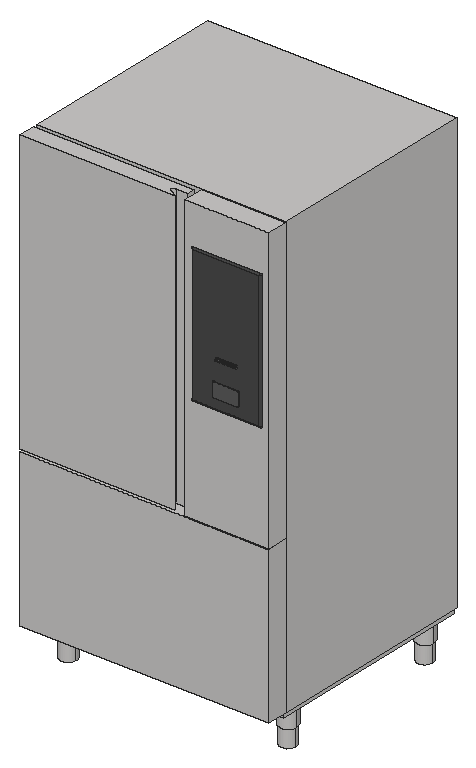
Revit family "QF_ALPENINOX_729253_ABFA11RE", category Specialty Equipment, Revit 2018 (continued)
Lines and regions (mm)
  Split face 232
    outline origin (-5.81, -295.149, -118.118) x (-1, 0, 0) y (0, 0, -1)
      loop
        line (490.638, -548.639) -> (600.654, -548.639) -> (600.654, -543.665) -> (490.638, -543.665) -> (490.638, -548.639)
  Split face 233
    outline origin (-5.81, -295.149, -108.618) x (-1, 0, 0) y (0, 0, -1)
      loop
        line (490.638, -548.639) -> (600.654, -548.639) -> (600.654, -543.665) -> (490.638, -543.665) -> (490.638, -548.639)
  Split face 234
    outline origin (-5.81, -295.149, -99.118) x (-1, 0, 0) y (0, 0, -1)
      loop
        line (490.638, -548.639) -> (600.654, -548.639) -> (600.654, -543.665) -> (490.638, -543.665) -> (490.638, -548.639)
  Split face 235
    outline origin (-5.81, -295.149, -89.618) x (-1, 0, 0) y (0, 0, -1)
      loop
        line (490.638, -548.639) -> (600.654, -548.639) -> (600.654, -543.665) -> (490.638, -543.665) -> (490.638, -548.639)
  Split face 236
    outline origin (-5.81, -295.149, -80.117) x (-1, 0, 0) y (0, 0, -1)
      loop
        line (490.638, -548.639) -> (600.654, -548.639) -> (600.654, -543.665) -> (490.638, -543.665) -> (490.638, -548.639)
  Split face 237
    outline origin (-5.81, -295.149, -70.617) x (-1, 0, 0) y (0, 0, -1)
      loop
        line (490.638, -548.639) -> (600.654, -548.639) -> (600.654, -543.665) -> (490.638, -543.665) -> (490.638, -548.639)
  Split face 238
    outline origin (-5.81, -295.149, -61.117) x (-1, 0, 0) y (0, 0, -1)
      loop
        line (490.638, -548.639) -> (600.654, -548.639) -> (600.654, -543.665) -> (490.638, -543.665) -> (490.638, -548.639)
  Split face 239
    outline origin (-5.81, -295.149, -51.617) x (-1, 0, 0) y (0, 0, -1)
      loop
        line (490.638, -548.639) -> (600.654, -548.639) -> (600.654, -543.665) -> (490.638, -543.665) -> (490.638, -548.639)
  Split face 240
    outline origin (-5.81, -295.149, -42.117) x (-1, 0, 0) y (0, 0, -1)
      loop
        line (490.638, -548.639) -> (600.654, -548.639) -> (600.654, -543.665) -> (490.638, -543.665) -> (490.638, -548.639)
  Split face 241
    outline origin (-5.81, -295.149, -32.617) x (-1, 0, 0) y (0, 0, -1)
      loop
        line (490.638, -548.639) -> (600.654, -548.639) -> (600.654, -543.665) -> (490.638, -543.665) -> (490.638, -548.639)
  Split face 242
    outline origin (-5.81, -295.149, -23.117) x (-1, 0, 0) y (0, 0, -1)
      loop
        line (490.638, -548.639) -> (600.654, -548.639) -> (600.654, -543.665) -> (490.638, -543.665) -> (490.638, -548.639)
  Split face 243
    outline origin (-5.81, -295.149, -13.617) x (-1, 0, 0) y (0, 0, -1)
      loop
        line (490.638, -548.639) -> (600.654, -548.639) -> (600.654, -543.665) -> (490.638, -543.665) -> (490.638, -548.639)
  Split face 244
    outline origin (-5.81, -295.149, -4.117) x (-1, 0, 0) y (0, 0, -1)
      loop
        line (490.638, -548.639) -> (600.654, -548.639) -> (600.654, -543.665) -> (490.638, -543.665) -> (490.638, -548.639)
  Split face 245
    outline origin (-5.81, -295.149, 5.383) x (-1, 0, 0) y (0, 0, -1)
      loop
        line (490.638, -548.639) -> (600.654, -548.639) -> (600.654, -543.665) -> (490.638, -543.665) -> (490.638, -548.639)
  Split face 246
    outline origin (-5.81, -295.149, 14.883) x (-1, 0, 0) y (0, 0, -1)
      loop
        line (490.638, -548.639) -> (600.654, -548.639) -> (600.654, -543.665) -> (490.638, -543.665) -> (490.638, -548.639)
  Split face 247
    outline origin (-125.802, -295.149, -365.12) x (-1, 0, 0) y (0, 0, -1)
      loop
        line (490.638, -548.639) -> (600.654, -548.639) -> (600.654, -543.665) -> (490.638, -543.665) -> (490.638, -548.639)
  Split face 248
    outline origin (-125.802, -295.149, -355.62) x (-1, 0, 0) y (0, 0, -1)
      loop
        line (490.638, -548.639) -> (600.654, -548.639) -> (600.654, -543.665) -> (490.638, -543.665) -> (490.638, -548.639)
  Split face 249
    outline origin (-125.802, -295.149, -346.12) x (-1, 0, 0) y (0, 0, -1)
      loop
        line (490.638, -548.639) -> (600.654, -548.639) -> (600.654, -543.665) -> (490.638, -543.665) -> (490.638, -548.639)
  Split face 250
    outline origin (-125.802, -295.149, -336.62) x (-1, 0, 0) y (0, 0, -1)
      loop
        line (490.638, -548.639) -> (600.654, -548.639) -> (600.654, -543.665) -> (490.638, -543.665) -> (490.638, -548.639)
  Split face 251
    outline origin (-125.802, -295.149, -327.12) x (-1, 0, 0) y (0, 0, -1)
      loop
        line (490.638, -548.639) -> (600.654, -548.639) -> (600.654, -543.665) -> (490.638, -543.665) -> (490.638, -548.639)
  Split face 252
    outline origin (-125.802, -295.149, -317.619) x (-1, 0, 0) y (0, 0, -1)
      loop
        line (490.638, -548.639) -> (600.654, -548.639) -> (600.654, -543.665) -> (490.638, -543.665) -> (490.638, -548.639)
  Split face 253
    outline origin (-125.802, -295.149, -308.119) x (-1, 0, 0) y (0, 0, -1)
      loop
        line (490.638, -548.639) -> (600.654, -548.639) -> (600.654, -543.665) -> (490.638, -543.665) -> (490.638, -548.639)
  Split face 254
    outline origin (-125.802, -295.149, -298.619) x (-1, 0, 0) y (0, 0, -1)
      loop
        line (490.638, -548.639) -> (600.654, -548.639) -> (600.654, -543.665) -> (490.638, -543.665) -> (490.638, -548.639)
  Split face 255
    outline origin (-125.802, -295.149, -289.119) x (-1, 0, 0) y (0, 0, -1)
      loop
        line (490.638, -548.639) -> (600.654, -548.639) -> (600.654, -543.665) -> (490.638, -543.665) -> (490.638, -548.639)
  Split face 256
    outline origin (-125.802, -295.149, -279.619) x (-1, 0, 0) y (0, 0, -1)
      loop
        line (490.638, -548.639) -> (600.654, -548.639) -> (600.654, -543.665) -> (490.638, -543.665) -> (490.638, -548.639)
  Split face 257
    outline origin (-125.802, -295.149, -270.119) x (-1, 0, 0) y (0, 0, -1)
      loop
        line (490.638, -548.639) -> (600.654, -548.639) -> (600.654, -543.665) -> (490.638, -543.665) -> (490.638, -548.639)
  Split face 258
    outline origin (-125.802, -295.149, -260.619) x (-1, 0, 0) y (0, 0, -1)
      loop
        line (490.638, -548.639) -> (600.654, -548.639) -> (600.654, -543.665) -> (490.638, -543.665) -> (490.638, -548.639)
  Split face 259
    outline origin (-125.802, -295.149, -251.119) x (-1, 0, 0) y (0, 0, -1)
      loop
        line (490.638, -548.639) -> (600.654, -548.639) -> (600.654, -543.665) -> (490.638, -543.665) -> (490.638, -548.639)
  Split face 260
    outline origin (-125.802, -295.149, -241.619) x (-1, 0, 0) y (0, 0, -1)
      loop
        line (490.638, -548.639) -> (600.654, -548.639) -> (600.654, -543.665) -> (490.638, -543.665) -> (490.638, -548.639)
  Split face 261
    outline origin (-125.802, -295.149, -232.119) x (-1, 0, 0) y (0, 0, -1)
      loop
        line (490.638, -548.639) -> (600.654, -548.639) -> (600.654, -543.665) -> (490.638, -543.665) -> (490.638, -548.639)
  Split face 262
    outline origin (-125.802, -295.149, -222.619) x (-1, 0, 0) y (0, 0, -1)
      loop
        line (490.638, -548.639) -> (600.654, -548.639) -> (600.654, -543.665) -> (490.638, -543.665) -> (490.638, -548.639)
  Split face 263
    outline origin (-125.802, -295.149, -213.119) x (-1, 0, 0) y (0, 0, -1)
      loop
        line (490.638, -548.639) -> (600.654, -548.639) -> (600.654, -543.665) -> (490.638, -543.665) -> (490.638, -548.639)
  Split face 264
    outline origin (-125.802, -295.149, -203.619) x (-1, 0, 0) y (0, 0, -1)
      loop
        line (490.638, -548.639) -> (600.654, -548.639) -> (600.654, -543.665) -> (490.638, -543.665) -> (490.638, -548.639)
  Split face 265
    outline origin (-125.802, -295.149, -194.118) x (-1, 0, 0) y (0, 0, -1)
      loop
        line (490.638, -548.639) -> (600.654, -548.639) -> (600.654, -543.665) -> (490.638, -543.665) -> (490.638, -548.639)
  Split face 266
    outline origin (-125.802, -295.149, -184.618) x (-1, 0, 0) y (0, 0, -1)
      loop
        line (490.638, -548.639) -> (600.654, -548.639) -> (600.654, -543.665) -> (490.638, -543.665) -> (490.638, -548.639)
  Split face 267
    outline origin (-125.802, -295.149, -175.118) x (-1, 0, 0) y (0, 0, -1)
      loop
        line (490.638, -548.639) -> (600.654, -548.639) -> (600.654, -543.665) -> (490.638, -543.665) -> (490.638, -548.639)
  Split face 268
    outline origin (-125.802, -295.149, -165.618) x (-1, 0, 0) y (0, 0, -1)
      loop
        line (490.638, -548.639) -> (600.654, -548.639) -> (600.654, -543.665) -> (490.638, -543.665) -> (490.638, -548.639)
  Split face 269
    outline origin (-125.802, -295.149, -156.118) x (-1, 0, 0) y (0, 0, -1)
      loop
        line (490.638, -548.639) -> (600.654, -548.639) -> (600.654, -543.665) -> (490.638, -543.665) -> (490.638, -548.639)
  Split face 270
    outline origin (-125.802, -295.149, -146.618) x (-1, 0, 0) y (0, 0, -1)
      loop
        line (490.638, -548.639) -> (600.654, -548.639) -> (600.654, -543.665) -> (490.638, -543.665) -> (490.638, -548.639)
  Split face 271
    outline origin (-125.802, -295.149, -137.118) x (-1, 0, 0) y (0, 0, -1)
      loop
        line (490.638, -548.639) -> (600.654, -548.639) -> (600.654, -543.665) -> (490.638, -543.665) -> (490.638, -548.639)
  Split face 272
    outline origin (-125.802, -295.149, -127.618) x (-1, 0, 0) y (0, 0, -1)
      loop
        line (490.638, -548.639) -> (600.654, -548.639) -> (600.654, -543.665) -> (490.638, -543.665) -> (490.638, -548.639)
  Split face 273
    outline origin (-125.802, -295.149, -118.118) x (-1, 0, 0) y (0, 0, -1)
      loop
        line (490.638, -548.639) -> (600.654, -548.639) -> (600.654, -543.665) -> (490.638, -543.665) -> (490.638, -548.639)
  Split face 274
    outline origin (-125.802, -295.149, -108.618) x (-1, 0, 0) y (0, 0, -1)
      loop
        line (490.638, -548.639) -> (600.654, -548.639) -> (600.654, -543.665) -> (490.638, -543.665) -> (490.638, -548.639)
  Split face 275
    outline origin (-125.802, -295.149, -99.118) x (-1, 0, 0) y (0, 0, -1)
      loop
        line (490.638, -548.639) -> (600.654, -548.639) -> (600.654, -543.665) -> (490.638, -543.665) -> (490.638, -548.639)
  Split face 276
    outline origin (-125.802, -295.149, -89.618) x (-1, 0, 0) y (0, 0, -1)
      loop
        line (490.638, -548.639) -> (600.654, -548.639) -> (600.654, -543.665) -> (490.638, -543.665) -> (490.638, -548.639)
  Split face 277
    outline origin (-125.802, -295.149, -80.117) x (-1, 0, 0) y (0, 0, -1)
      loop
        line (490.638, -548.639) -> (600.654, -548.639) -> (600.654, -543.665) -> (490.638, -543.665) -> (490.638, -548.639)
  Split face 278
    outline origin (-125.802, -295.149, -70.617) x (-1, 0, 0) y (0, 0, -1)
      loop
        line (490.638, -548.639) -> (600.654, -548.639) -> (600.654, -543.665) -> (490.638, -543.665) -> (490.638, -548.639)
  Split face 279
    outline origin (-125.802, -295.149, -61.117) x (-1, 0, 0) y (0, 0, -1)
      loop
        line (490.638, -548.639) -> (600.654, -548.639) -> (600.654, -543.665) -> (490.638, -543.665) -> (490.638, -548.639)
  Split face 280
    outline origin (-125.802, -295.149, -51.617) x (-1, 0, 0) y (0, 0, -1)
      loop
        line (490.638, -548.639) -> (600.654, -548.639) -> (600.654, -543.665) -> (490.638, -543.665) -> (490.638, -548.639)
  Split face 281
    outline origin (-125.802, -295.149, -42.117) x (-1, 0, 0) y (0, 0, -1)
      loop
        line (490.638, -548.639) -> (600.654, -548.639) -> (600.654, -543.665) -> (490.638, -543.665) -> (490.638, -548.639)
  Split face 282
    outline origin (-125.802, -295.149, -32.617) x (-1, 0, 0) y (0, 0, -1)
      loop
        line (490.638, -548.639) -> (600.654, -548.639) -> (600.654, -543.665) -> (490.638, -543.665) -> (490.638, -548.639)
  Split face 283
    outline origin (-125.802, -295.149, -23.117) x (-1, 0, 0) y (0, 0, -1)
      loop
        line (490.638, -548.639) -> (600.654, -548.639) -> (600.654, -543.665) -> (490.638, -543.665) -> (490.638, -548.639)
  Split face 284
    outline origin (-125.802, -295.149, -13.617) x (-1, 0, 0) y (0, 0, -1)
      loop
        line (490.638, -548.639) -> (600.654, -548.639) -> (600.654, -543.665) -> (490.638, -543.665) -> (490.638, -548.639)
  Split face 285
    outline origin (-125.802, -295.149, -4.117) x (-1, 0, 0) y (0, 0, -1)
      loop
        line (490.638, -548.639) -> (600.654, -548.639) -> (600.654, -543.665) -> (490.638, -543.665) -> (490.638, -548.639)
  Split face 286
    outline origin (-125.802, -295.149, 5.383) x (-1, 0, 0) y (0, 0, -1)
      loop
        line (490.638, -548.639) -> (600.654, -548.639) -> (600.654, -543.665) -> (490.638, -543.665) -> (490.638, -548.639)
  Split face 287
    outline origin (-125.802, -295.149, 14.883) x (-1, 0, 0) y (0, 0, -1)
      loop
        line (490.638, -548.639) -> (600.654, -548.639) -> (600.654, -543.665) -> (490.638, -543.665) -> (490.638, -548.639)
  symbolic lines
    curve 1: line (-759, 547.851, 1731) -> (136, 547.851, 1731)
    curve 2: line (-759, -219.149, 1731) -> (-759, 547.851, 1731)
    curve 3: line (136, -295.149, 1731) -> (-166, -295.149, 1731)
    curve 4: line (136, 547.851, 1731) -> (136, -295.149, 1731)
    curve 5: line (-139.183, 547.851, 1731) -> (-131.09, 639.851, 1731)
    curve 6: line (-131.09, 639.851, 1731) -> (33.141, 639.851, 1731)
    curve 7: line (33.141, 639.851, 1731) -> (41.234, 547.851, 1731)
    curve 8: line (56.5, 576.851, 1731) -> (77.5, 576.851, 1731)
    curve 9: line (77.5, 576.851, 1731) -> (77.5, 547.851, 1731)
    curve 10: line (56.5, 576.851, 1731) -> (56.5, 547.851, 1731)
    curve 11: line (104, -300.149, 1731) -> (-134, -300.149, 1731)
    curve 12: line (-134, -300.149, 1731) -> (-142, -295.149, 1731)
    curve 13: line (104, -300.149, 1731) -> (112, -295.149, 1731)
    curve 14: line (-166, -295.149, 0) -> (-166, -219.149, 0)
    curve 15: line (-166, -219.149, 0) -> (-759, -219.149, 0)
    curve 20: line (-759, -235.149, 0) -> (-180.8, -235.149, 0)
    curve 21: line (-759, -295.149, 0) -> (-759, -235.149, 0)
    curve 22: line (-202.762, -295.149, 0) -> (-759, -295.149, 0)
    curve 23: line (-180.8, -235.149, 0) -> (-180.8, -262.922, 0)
    curve 27: line (-180.8, -262.922, 0) -> (-226.108, -262.922, 0)
    curve 28: arc (-226.108, -262.922, 0) -> (-234.232, -269.056, 0) -> (-230.468, -278.514, 0) r 8.395
    curve 29: line (-230.468, -278.514, 0) -> (-202.762, -295.149, 0)
  symbolic lines, style "QF_Door-Drawer Clearances", visible <- "Show Clearance"
    curve 16: arc (-180.8, -295.149, 1731) -> (-338.805, -665.108, 1731) -> (-705, -831.649, 1731) r 556
    curve 17: line (-765, -809.687, 1731) -> (-765, -295.149, 1731)
    curve 18: line (-705, -831.649, 1731) -> (-732.773, -831.649, 1731)
    curve 19: line (-705, -831.649, 1731) -> (-705, -295.149, 1731)
  symbolic lines, style "QF_Door-Drawer Clearances"
    curve 24: line (-748.365, -781.981, 0) -> (-765, -809.687, 0)
    curve 25: arc (-732.773, -786.341, 0) -> (-738.907, -778.217, 0) -> (-748.365, -781.981, 0) r 8.395
    curve 26: line (-732.773, -831.649, 0) -> (-732.773, -786.341, 0)
Dimensions and locks
  equal spacing: plane 4 "LEFT", plane 3 "Center Y", plane 6 "RIGHT"
  plane 4 "LEFT" to plane 6 "RIGHT" = 895 mm
  plane 5 "BACK" to plane 7 "FRONT" = 843 mm
  equal spacing: plane 5 "BACK", plane 1 "Center X", plane 7 "FRONT"
  cut or joined group of Extrusion 1, Extrusion 2, Extrusion 3, Extrusion 5, Extrusion 6, Extrusion 7, Extrusion 9 to Extrusion 3 sketch curve = 826 mm
  level to Extrusion 3 sketch curve = 593 mm
  plane 5 "BACK" to Extrusion 6 sketch curve = 398 mm
  plane 4 "LEFT" to Extrusion 6 sketch curve = 400 mm
  Extrusion 3 sketch curve to plane 4 "LEFT" = 826 mm
  plane 6 "RIGHT" to Extrusion 11 sketch curve = 210 mm
  Extrusion 11 sketch curve to level = 223 mm
  plane 6 "RIGHT" to Extrusion 10 sketch curve = 152 mm
  Extrusion 10 sketch curve to level = 217 mm
  aligned and locked: level to plane 2
  aligned and locked: plane 12 to nested 3
  aligned and locked: plane 12 to nested 2
  aligned and locked: plane 10 to nested 1
  aligned and locked: plane 10 to nested 4
  aligned and locked: nested 4 to plane 11
  aligned and locked: nested 3 to plane 11
  aligned and locked: nested 1 to plane 13
  aligned and locked: nested 2 to plane 13
Automatic sketch dimensions
  Extrusion 1 sketch curve to plane 5 "BACK" = 0 mm
  Extrusion 1 sketch curve to plane 6 "RIGHT" = 0 mm
  Extrusion 1 sketch curve to plane 4 "LEFT" = 0 mm
  Extrusion 1 sketch curve to plane 13 = 75 mm
  Extrusion 2 sketch curve to plane 5 "BACK" = 0 mm
  Extrusion 2 sketch curve to plane 14 = 0 mm  (x5)
  Extrusion 2 sketch curve to plane 14 = 10 mm
  Extrusion 2 sketch curve to plane 14 = 8 mm
  Extrusion 2 sketch curve to plane 14 = 7.305 mm
  Extrusion 2 sketch curve to plane 14 = 4.997 mm
  plane 14 to Extrusion 2 sketch curve = 8.773 mm  (x4)
  plane 8 to Extrusion 2 sketch curve = 521.023 mm
  Extrusion 2 sketch curve to Extrusion 2 sketch curve = 7.476 mm
  Extrusion 2 sketch curve to Extrusion 2 sketch curve = 25.474 mm
  Extrusion 2 sketch curve to Extrusion 2 sketch curve = 9.313 mm  (x4)
  Extrusion 2 sketch curve to Extrusion 2 sketch curve = 31.38 mm  (x3)
  Extrusion 2 sketch curve to Extrusion 2 sketch curve = 32.916 mm
  Extrusion 2 sketch curve to Extrusion 2 sketch curve = 50.851 mm
  Extrusion 4 sketch curve to plane 6 "RIGHT" = 0 mm
  Extrusion 4 sketch curve to plane 4 "LEFT" = 0 mm
  Extrusion 4 sketch curve to plane 7 "FRONT" = 0 mm
  plane 7 "FRONT" to Extrusion 4 sketch curve = 75 mm
  Extrusion 5 sketch curve to plane 5 "BACK" = 0 mm
  Extrusion 5 sketch curve to plane 6 "RIGHT" = 9 mm
  plane 4 "LEFT" to Extrusion 5 sketch curve = 9 mm
  Extrusion 5 sketch curve to plane 13 = 73 mm
  Split face 1 sketch curve to Extrusion 4 = 32.492 mm
  Split face 1 sketch curve to Extrusion 4 = 28.525 mm
  Split face 1 sketch curve to Split face 1 sketch curve = 110.016 mm
  Split face 1 sketch curve to Split face 1 sketch curve = 4.974 mm
  Extrusion 7 sketch curve to plane 5 "BACK" = 0 mm  (x2)
  Extrusion 7 sketch curve to plane 14 = 0 mm  (x2)
  Extrusion 7 sketch curve to plane 12 = 41.135 mm
  Extrusion 7 sketch curve to Extrusion 7 sketch curve = 1.631 mm  (x2)
  Extrusion 7 sketch curve to Extrusion 7 sketch curve = 9.723 mm
  Extrusion 7 sketch curve to Extrusion 7 sketch curve = 164.232 mm
  Extrusion 7 sketch curve to Extrusion 7 sketch curve = 8.092 mm
  Extrusion 8 sketch curve to plane 7 "FRONT" = 0 mm
  Extrusion 8 sketch curve to plane 6 "RIGHT" = 0 mm
  plane 3 "Center Y" to Extrusion 8 sketch curve = 145.5 mm
  plane 7 "FRONT" to Extrusion 8 sketch curve = 75 mm
  plane 10 to Extrusion 9 sketch curve = 9 mm
  plane 3 "Center Y" to Extrusion 9 sketch curve = 80.7 mm
  Extrusion 9 sketch curve to plane 9 "TOP" = 60 mm
  plane 8 to Extrusion 9 sketch curve = 639 mm
  Split face 2 sketch curve to Extrusion 4 = 32.492 mm
  Split face 2 sketch curve to Extrusion 4 = 38.025 mm
  Split face 2 sketch curve to Split face 2 sketch curve = 110.016 mm
  Split face 2 sketch curve to Split face 2 sketch curve = 4.974 mm
  Split face 3 sketch curve to Extrusion 4 = 32.492 mm
  Split face 3 sketch curve to Extrusion 4 = 47.525 mm
  Split face 3 sketch curve to Split face 3 sketch curve = 110.016 mm
  Split face 3 sketch curve to Split face 3 sketch curve = 4.974 mm
  Split face 4 sketch curve to Extrusion 4 = 32.492 mm
  Split face 4 sketch curve to Split face 4 sketch curve = 110.016 mm
  Split face 4 sketch curve to Extrusion 4 = 61.999 mm
  Split face 4 sketch curve to Split face 4 sketch curve = 4.974 mm
  Split face 5 sketch curve to Extrusion 4 = 32.492 mm
  Split face 5 sketch curve to Split face 5 sketch curve = 110.016 mm
  Split face 5 sketch curve to Extrusion 4 = 71.499 mm
  Split face 5 sketch curve to Split face 5 sketch curve = 4.974 mm
  Split face 6 sketch curve to Extrusion 4 = 32.492 mm
  Split face 6 sketch curve to Split face 6 sketch curve = 110.016 mm
  Split face 6 sketch curve to Extrusion 4 = 80.999 mm
  Split face 6 sketch curve to Split face 6 sketch curve = 4.974 mm
  Split face 7 sketch curve to Extrusion 4 = 32.492 mm
  Split face 7 sketch curve to Split face 7 sketch curve = 110.016 mm
  Split face 7 sketch curve to Extrusion 4 = 90.499 mm
  Split face 7 sketch curve to Split face 7 sketch curve = 4.974 mm
  Split face 8 sketch curve to Extrusion 4 = 32.492 mm
  Split face 8 sketch curve to Split face 8 sketch curve = 110.016 mm
  Split face 8 sketch curve to Extrusion 4 = 99.999 mm
  Split face 8 sketch curve to Split face 8 sketch curve = 4.974 mm
  Split face 9 sketch curve to Extrusion 4 = 32.492 mm
  Split face 9 sketch curve to Split face 9 sketch curve = 110.016 mm
  Split face 9 sketch curve to Extrusion 4 = 109.499 mm
  Split face 9 sketch curve to Split face 9 sketch curve = 4.974 mm
  Split face 10 sketch curve to Extrusion 4 = 32.492 mm
  Split face 10 sketch curve to Split face 10 sketch curve = 110.016 mm
  Split face 10 sketch curve to Extrusion 4 = 119 mm
  Split face 10 sketch curve to Split face 10 sketch curve = 4.974 mm
  Split face 11 sketch curve to Extrusion 4 = 32.492 mm
  Split face 11 sketch curve to Split face 11 sketch curve = 110.016 mm
  Split face 11 sketch curve to Extrusion 4 = 128.5 mm
  Split face 11 sketch curve to Split face 11 sketch curve = 4.974 mm
  Split face 12 sketch curve to Extrusion 4 = 32.492 mm
  Split face 12 sketch curve to Split face 12 sketch curve = 110.016 mm
  Split face 12 sketch curve to Extrusion 4 = 138 mm
  Split face 12 sketch curve to Split face 12 sketch curve = 4.974 mm
  Split face 13 sketch curve to Extrusion 4 = 32.492 mm
  Split face 13 sketch curve to Split face 13 sketch curve = 110.016 mm
  Split face 13 sketch curve to Extrusion 4 = 147.5 mm
  Split face 13 sketch curve to Split face 13 sketch curve = 4.974 mm
  Split face 14 sketch curve to Extrusion 4 = 32.492 mm
  Split face 14 sketch curve to Split face 14 sketch curve = 110.016 mm
  Split face 14 sketch curve to Extrusion 4 = 157 mm
  Split face 14 sketch curve to Split face 14 sketch curve = 4.974 mm
  Split face 15 sketch curve to Extrusion 4 = 32.492 mm
  Split face 15 sketch curve to Split face 15 sketch curve = 110.016 mm
  Split face 15 sketch curve to Extrusion 4 = 166.5 mm
  Split face 15 sketch curve to Split face 15 sketch curve = 4.974 mm
  Split face 16 sketch curve to Extrusion 4 = 32.492 mm
  Split face 16 sketch curve to Split face 16 sketch curve = 110.016 mm
  Split face 16 sketch curve to Extrusion 4 = 176 mm
  Split face 16 sketch curve to Split face 16 sketch curve = 4.974 mm
  Split face 17 sketch curve to Extrusion 4 = 32.492 mm
  Split face 17 sketch curve to Split face 17 sketch curve = 110.016 mm
  Split face 17 sketch curve to Extrusion 4 = 185.5 mm
  Split face 17 sketch curve to Split face 17 sketch curve = 4.974 mm
  Split face 18 sketch curve to Extrusion 4 = 32.492 mm
  Split face 18 sketch curve to Split face 18 sketch curve = 110.016 mm
  Split face 18 sketch curve to Extrusion 4 = 195 mm
  Split face 18 sketch curve to Split face 18 sketch curve = 4.974 mm
  Split face 19 sketch curve to Extrusion 4 = 32.492 mm
  Split face 19 sketch curve to Split face 19 sketch curve = 110.016 mm
  Split face 19 sketch curve to Extrusion 4 = 204.5 mm
  Split face 19 sketch curve to Split face 19 sketch curve = 4.974 mm
  Split face 20 sketch curve to Extrusion 4 = 32.492 mm
  Split face 20 sketch curve to Split face 20 sketch curve = 110.016 mm
  Split face 20 sketch curve to Extrusion 4 = 214 mm
  Split face 20 sketch curve to Split face 20 sketch curve = 4.974 mm
  Split face 21 sketch curve to Extrusion 4 = 32.492 mm
  Split face 21 sketch curve to Split face 21 sketch curve = 110.016 mm
  Split face 21 sketch curve to Extrusion 4 = 223.5 mm
  Split face 21 sketch curve to Split face 21 sketch curve = 4.974 mm
  Split face 22 sketch curve to Extrusion 4 = 32.492 mm
  Split face 22 sketch curve to Split face 22 sketch curve = 110.016 mm
  Split face 22 sketch curve to Extrusion 4 = 233.001 mm
  Split face 22 sketch curve to Split face 22 sketch curve = 4.974 mm
  Split face 23 sketch curve to Extrusion 4 = 32.492 mm
  Split face 23 sketch curve to Split face 23 sketch curve = 110.016 mm
  Split face 23 sketch curve to Extrusion 4 = 242.501 mm
  Split face 23 sketch curve to Split face 23 sketch curve = 4.974 mm
  Split face 24 sketch curve to Extrusion 4 = 32.492 mm
  Split face 24 sketch curve to Split face 24 sketch curve = 110.016 mm
  Split face 24 sketch curve to Extrusion 4 = 252.001 mm
  Split face 24 sketch curve to Split face 24 sketch curve = 4.974 mm
  Split face 25 sketch curve to Extrusion 4 = 32.492 mm
  Split face 25 sketch curve to Split face 25 sketch curve = 110.016 mm
  Split face 25 sketch curve to Extrusion 4 = 261.501 mm
  Split face 25 sketch curve to Split face 25 sketch curve = 4.974 mm
  Split face 26 sketch curve to Extrusion 4 = 32.492 mm
  Split face 26 sketch curve to Split face 26 sketch curve = 110.016 mm
  Split face 26 sketch curve to Extrusion 4 = 271.001 mm
  Split face 26 sketch curve to Split face 26 sketch curve = 4.974 mm
  Split face 27 sketch curve to Extrusion 4 = 32.492 mm
  Split face 27 sketch curve to Split face 27 sketch curve = 110.016 mm
  Split face 27 sketch curve to Extrusion 4 = 279.479 mm
  Split face 27 sketch curve to Split face 27 sketch curve = 4.974 mm
  Split face 28 sketch curve to Extrusion 4 = 32.492 mm
  Split face 28 sketch curve to Split face 28 sketch curve = 110.016 mm
  Split face 28 sketch curve to Extrusion 4 = 269.979 mm
  Split face 28 sketch curve to Split face 28 sketch curve = 4.974 mm
  Split face 29 sketch curve to Extrusion 4 = 32.492 mm
  Split face 29 sketch curve to Split face 29 sketch curve = 110.016 mm
  Split face 29 sketch curve to Extrusion 4 = 260.479 mm
  Split face 29 sketch curve to Split face 29 sketch curve = 4.974 mm
  Split face 30 sketch curve to Extrusion 4 = 32.492 mm
  Split face 30 sketch curve to Split face 30 sketch curve = 110.016 mm
  Split face 30 sketch curve to Extrusion 4 = 250.978 mm
  Split face 30 sketch curve to Split face 30 sketch curve = 4.974 mm
  Split face 31 sketch curve to Extrusion 4 = 32.492 mm
  Split face 31 sketch curve to Split face 31 sketch curve = 110.016 mm
  Split face 31 sketch curve to Extrusion 4 = 241.478 mm
  Split face 31 sketch curve to Split face 31 sketch curve = 4.974 mm
  Split face 32 sketch curve to Extrusion 4 = 32.492 mm
  Split face 32 sketch curve to Split face 32 sketch curve = 110.016 mm
  Split face 32 sketch curve to Extrusion 4 = 231.978 mm
  Split face 32 sketch curve to Split face 32 sketch curve = 4.974 mm
  Split face 33 sketch curve to Extrusion 4 = 32.492 mm
  Split face 33 sketch curve to Split face 33 sketch curve = 110.016 mm
  Split face 33 sketch curve to Extrusion 4 = 222.478 mm
  Split face 33 sketch curve to Split face 33 sketch curve = 4.974 mm
  Split face 34 sketch curve to Extrusion 4 = 32.492 mm
  Split face 34 sketch curve to Split face 34 sketch curve = 110.016 mm
  Split face 34 sketch curve to Extrusion 4 = 212.978 mm
  Split face 34 sketch curve to Split face 34 sketch curve = 4.974 mm
  Split face 35 sketch curve to Extrusion 4 = 32.492 mm
  Split face 35 sketch curve to Split face 35 sketch curve = 110.016 mm
  Split face 35 sketch curve to Extrusion 4 = 203.478 mm
  Split face 35 sketch curve to Split face 35 sketch curve = 4.974 mm
  Split face 36 sketch curve to Extrusion 4 = 32.492 mm
  Split face 36 sketch curve to Split face 36 sketch curve = 110.016 mm
  Split face 36 sketch curve to Extrusion 4 = 193.978 mm
  Split face 36 sketch curve to Split face 36 sketch curve = 4.974 mm
  Split face 37 sketch curve to Extrusion 4 = 32.492 mm
  Split face 37 sketch curve to Split face 37 sketch curve = 110.016 mm
  Split face 37 sketch curve to Extrusion 4 = 184.478 mm
  Split face 37 sketch curve to Split face 37 sketch curve = 4.974 mm
  Split face 38 sketch curve to Extrusion 4 = 32.492 mm
  Split face 38 sketch curve to Split face 38 sketch curve = 110.016 mm
  Split face 38 sketch curve to Extrusion 4 = 174.978 mm
  Split face 38 sketch curve to Split face 38 sketch curve = 4.974 mm
  Split face 39 sketch curve to Extrusion 4 = 32.492 mm
  Split face 39 sketch curve to Split face 39 sketch curve = 110.016 mm
  Split face 39 sketch curve to Extrusion 4 = 165.478 mm
  Split face 39 sketch curve to Split face 39 sketch curve = 4.974 mm
  Split face 40 sketch curve to Extrusion 4 = 32.492 mm
  Split face 40 sketch curve to Split face 40 sketch curve = 110.016 mm
  Split face 40 sketch curve to Extrusion 4 = 155.978 mm
  Split face 40 sketch curve to Split face 40 sketch curve = 4.974 mm
  Split face 41 sketch curve to Extrusion 4 = 32.492 mm
  Split face 41 sketch curve to Split face 41 sketch curve = 110.016 mm
  Split face 41 sketch curve to Extrusion 4 = 146.478 mm
  Split face 41 sketch curve to Split face 41 sketch curve = 4.974 mm
  Split face 42 sketch curve to Extrusion 4 = 33.499 mm
  Split face 42 sketch curve to Extrusion 4 = 152.483 mm
  Split face 42 sketch curve to Extrusion 4 = 28.525 mm
  Split face 42 sketch curve to Split face 42 sketch curve = 110.016 mm
  Split face 43 sketch curve to Extrusion 4 = 42.999 mm
  Split face 43 sketch curve to Extrusion 4 = 152.483 mm
  Split face 43 sketch curve to Extrusion 4 = 38.025 mm
  Split face 43 sketch curve to Split face 43 sketch curve = 110.016 mm
  Split face 44 sketch curve to Extrusion 4 = 52.499 mm
  Split face 44 sketch curve to Extrusion 4 = 152.483 mm
  Split face 44 sketch curve to Extrusion 4 = 47.525 mm
  Split face 44 sketch curve to Split face 44 sketch curve = 110.016 mm
  Split face 45 sketch curve to Extrusion 4 = 61.999 mm
  Split face 45 sketch curve to Extrusion 4 = 152.483 mm
  Split face 45 sketch curve to Split face 45 sketch curve = 110.016 mm
  Split face 45 sketch curve to Split face 45 sketch curve = 4.974 mm
  Split face 46 sketch curve to Extrusion 4 = 71.499 mm
  Split face 46 sketch curve to Extrusion 4 = 152.483 mm
  Split face 46 sketch curve to Split face 46 sketch curve = 110.016 mm
  Split face 46 sketch curve to Split face 46 sketch curve = 4.974 mm
  Split face 47 sketch curve to Extrusion 4 = 152.483 mm
  Split face 47 sketch curve to Split face 47 sketch curve = 110.016 mm
  Split face 47 sketch curve to Extrusion 4 = 80.999 mm
  Split face 47 sketch curve to Split face 47 sketch curve = 4.974 mm
  Split face 48 sketch curve to Extrusion 4 = 152.483 mm
  Split face 48 sketch curve to Split face 48 sketch curve = 110.016 mm
  Split face 48 sketch curve to Extrusion 4 = 90.499 mm
  Split face 48 sketch curve to Split face 48 sketch curve = 4.974 mm
  Split face 49 sketch curve to Extrusion 4 = 152.483 mm
  Split face 49 sketch curve to Split face 49 sketch curve = 110.016 mm
  Split face 49 sketch curve to Extrusion 4 = 99.999 mm
  Split face 49 sketch curve to Split face 49 sketch curve = 4.974 mm
  Split face 50 sketch curve to Extrusion 4 = 152.483 mm
  Split face 50 sketch curve to Split face 50 sketch curve = 110.016 mm
  Split face 50 sketch curve to Extrusion 4 = 109.499 mm
  Split face 50 sketch curve to Split face 50 sketch curve = 4.974 mm
  Split face 51 sketch curve to Extrusion 4 = 152.483 mm
  Split face 51 sketch curve to Split face 51 sketch curve = 110.016 mm
  Split face 51 sketch curve to Extrusion 4 = 119 mm
  Split face 51 sketch curve to Split face 51 sketch curve = 4.974 mm
  Split face 52 sketch curve to Extrusion 4 = 152.483 mm
  Split face 52 sketch curve to Split face 52 sketch curve = 110.016 mm
  Split face 52 sketch curve to Extrusion 4 = 128.5 mm
  Split face 52 sketch curve to Split face 52 sketch curve = 4.974 mm
  Split face 53 sketch curve to Extrusion 4 = 152.483 mm
  Split face 53 sketch curve to Split face 53 sketch curve = 110.016 mm
  Split face 53 sketch curve to Extrusion 4 = 138 mm
  Split face 53 sketch curve to Split face 53 sketch curve = 4.974 mm
  Split face 54 sketch curve to Extrusion 4 = 152.483 mm
  Split face 54 sketch curve to Split face 54 sketch curve = 110.016 mm
  Split face 54 sketch curve to Extrusion 4 = 147.5 mm
  Split face 54 sketch curve to Split face 54 sketch curve = 4.974 mm
  Split face 55 sketch curve to Extrusion 4 = 152.483 mm
  Split face 55 sketch curve to Split face 55 sketch curve = 110.016 mm
  Split face 55 sketch curve to Extrusion 4 = 157 mm
  Split face 55 sketch curve to Split face 55 sketch curve = 4.974 mm
  Split face 56 sketch curve to Extrusion 4 = 152.483 mm
  Split face 56 sketch curve to Split face 56 sketch curve = 110.016 mm
  Split face 56 sketch curve to Extrusion 4 = 166.5 mm
  Split face 56 sketch curve to Split face 56 sketch curve = 4.974 mm
  Split face 57 sketch curve to Extrusion 4 = 152.483 mm
  Split face 57 sketch curve to Split face 57 sketch curve = 110.016 mm
  Split face 57 sketch curve to Extrusion 4 = 176 mm
  Split face 57 sketch curve to Split face 57 sketch curve = 4.974 mm
  Split face 58 sketch curve to Extrusion 4 = 152.483 mm
  Split face 58 sketch curve to Split face 58 sketch curve = 110.016 mm
  Split face 58 sketch curve to Extrusion 4 = 185.5 mm
  Split face 58 sketch curve to Split face 58 sketch curve = 4.974 mm
  Split face 59 sketch curve to Extrusion 4 = 152.483 mm
  Split face 59 sketch curve to Split face 59 sketch curve = 110.016 mm
  Split face 59 sketch curve to Extrusion 4 = 195 mm
  Split face 59 sketch curve to Split face 59 sketch curve = 4.974 mm
  Split face 60 sketch curve to Extrusion 4 = 152.483 mm
  Split face 60 sketch curve to Split face 60 sketch curve = 110.016 mm
  Split face 60 sketch curve to Extrusion 4 = 204.5 mm
  Split face 60 sketch curve to Split face 60 sketch curve = 4.974 mm
  Split face 61 sketch curve to Extrusion 4 = 152.483 mm
  Split face 61 sketch curve to Split face 61 sketch curve = 110.016 mm
  Split face 61 sketch curve to Extrusion 4 = 214 mm
  Split face 61 sketch curve to Split face 61 sketch curve = 4.974 mm
  Split face 62 sketch curve to Extrusion 4 = 152.483 mm
  Split face 62 sketch curve to Split face 62 sketch curve = 110.016 mm
  Split face 62 sketch curve to Extrusion 4 = 223.5 mm
  Split face 62 sketch curve to Split face 62 sketch curve = 4.974 mm
  Split face 63 sketch curve to Extrusion 4 = 152.483 mm
  Split face 63 sketch curve to Split face 63 sketch curve = 110.016 mm
  Split face 63 sketch curve to Extrusion 4 = 233.001 mm
  Split face 63 sketch curve to Split face 63 sketch curve = 4.974 mm
  Split face 64 sketch curve to Extrusion 4 = 152.483 mm
  Split face 64 sketch curve to Split face 64 sketch curve = 110.016 mm
  Split face 64 sketch curve to Extrusion 4 = 242.501 mm
  Split face 64 sketch curve to Split face 64 sketch curve = 4.974 mm
  Split face 65 sketch curve to Extrusion 4 = 152.483 mm
  Split face 65 sketch curve to Split face 65 sketch curve = 110.016 mm
  Split face 65 sketch curve to Extrusion 4 = 252.001 mm
  Split face 65 sketch curve to Split face 65 sketch curve = 4.974 mm
  Split face 66 sketch curve to Extrusion 4 = 152.483 mm
  Split face 66 sketch curve to Split face 66 sketch curve = 110.016 mm
  Split face 66 sketch curve to Extrusion 4 = 261.501 mm
  Split face 66 sketch curve to Split face 66 sketch curve = 4.974 mm
  Split face 67 sketch curve to Extrusion 4 = 152.483 mm
  Split face 67 sketch curve to Split face 67 sketch curve = 110.016 mm
  Split face 67 sketch curve to Extrusion 4 = 271.001 mm
  Split face 67 sketch curve to Split face 67 sketch curve = 4.974 mm
  Split face 68 sketch curve to Extrusion 4 = 152.483 mm
  Split face 68 sketch curve to Split face 68 sketch curve = 110.016 mm
  Split face 68 sketch curve to Extrusion 4 = 279.479 mm
  Split face 68 sketch curve to Split face 68 sketch curve = 4.974 mm
  Split face 69 sketch curve to Extrusion 4 = 152.483 mm
  Split face 69 sketch curve to Split face 69 sketch curve = 110.016 mm
  Split face 69 sketch curve to Extrusion 4 = 269.979 mm
  Split face 69 sketch curve to Split face 69 sketch curve = 4.974 mm
  Split face 70 sketch curve to Extrusion 4 = 152.483 mm
  Split face 70 sketch curve to Split face 70 sketch curve = 110.016 mm
  Split face 70 sketch curve to Extrusion 4 = 260.479 mm
  Split face 70 sketch curve to Split face 70 sketch curve = 4.974 mm
  Split face 71 sketch curve to Extrusion 4 = 152.483 mm
  Split face 71 sketch curve to Split face 71 sketch curve = 110.016 mm
  Split face 71 sketch curve to Extrusion 4 = 250.978 mm
  Split face 71 sketch curve to Split face 71 sketch curve = 4.974 mm
  Split face 72 sketch curve to Extrusion 4 = 152.483 mm
  Split face 72 sketch curve to Split face 72 sketch curve = 110.016 mm
  Split face 72 sketch curve to Extrusion 4 = 241.478 mm
  Split face 72 sketch curve to Split face 72 sketch curve = 4.974 mm
  Split face 73 sketch curve to Extrusion 4 = 152.483 mm
  Split face 73 sketch curve to Split face 73 sketch curve = 110.016 mm
  Split face 73 sketch curve to Extrusion 4 = 231.978 mm
  Split face 73 sketch curve to Split face 73 sketch curve = 4.974 mm
  Split face 74 sketch curve to Extrusion 4 = 152.483 mm
  Split face 74 sketch curve to Split face 74 sketch curve = 110.016 mm
  Split face 74 sketch curve to Extrusion 4 = 222.478 mm
  Split face 74 sketch curve to Split face 74 sketch curve = 4.974 mm
  Split face 75 sketch curve to Extrusion 4 = 152.483 mm
  Split face 75 sketch curve to Split face 75 sketch curve = 110.016 mm
  Split face 75 sketch curve to Extrusion 4 = 212.978 mm
  Split face 75 sketch curve to Split face 75 sketch curve = 4.974 mm
  Split face 76 sketch curve to Extrusion 4 = 152.483 mm
  Split face 76 sketch curve to Split face 76 sketch curve = 110.016 mm
  Split face 76 sketch curve to Extrusion 4 = 203.478 mm
  Split face 76 sketch curve to Split face 76 sketch curve = 4.974 mm
  Split face 77 sketch curve to Extrusion 4 = 152.483 mm
  Split face 77 sketch curve to Split face 77 sketch curve = 110.016 mm
  Split face 77 sketch curve to Extrusion 4 = 193.978 mm
  Split face 77 sketch curve to Split face 77 sketch curve = 4.974 mm
  Split face 78 sketch curve to Extrusion 4 = 152.483 mm
  Split face 78 sketch curve to Split face 78 sketch curve = 110.016 mm
  Split face 78 sketch curve to Extrusion 4 = 184.478 mm
  Split face 78 sketch curve to Split face 78 sketch curve = 4.974 mm
  Split face 79 sketch curve to Extrusion 4 = 152.483 mm
  Split face 79 sketch curve to Split face 79 sketch curve = 110.016 mm
  Split face 79 sketch curve to Extrusion 4 = 174.978 mm
  Split face 79 sketch curve to Split face 79 sketch curve = 4.974 mm
  Split face 80 sketch curve to Extrusion 4 = 152.483 mm
  Split face 80 sketch curve to Split face 80 sketch curve = 110.016 mm
  Split face 80 sketch curve to Extrusion 4 = 165.478 mm
  Split face 80 sketch curve to Split face 80 sketch curve = 4.974 mm
  Split face 81 sketch curve to Extrusion 4 = 152.483 mm
  Split face 81 sketch curve to Split face 81 sketch curve = 110.016 mm
  Split face 81 sketch curve to Extrusion 4 = 155.978 mm
  Split face 81 sketch curve to Split face 81 sketch curve = 4.974 mm
  Split face 82 sketch curve to Extrusion 4 = 152.483 mm
  Split face 82 sketch curve to Split face 82 sketch curve = 110.016 mm
  Split face 82 sketch curve to Extrusion 4 = 146.478 mm
  Split face 82 sketch curve to Split face 82 sketch curve = 4.974 mm
  Split face 83 sketch curve to Extrusion 4 = 33.499 mm
  Split face 83 sketch curve to Extrusion 4 = 272.474 mm
  Split face 83 sketch curve to Extrusion 4 = 28.525 mm
  Split face 83 sketch curve to Split face 83 sketch curve = 110.016 mm
  Split face 84 sketch curve to Extrusion 4 = 42.999 mm
  Split face 84 sketch curve to Extrusion 4 = 272.474 mm
  Split face 84 sketch curve to Extrusion 4 = 38.025 mm
  Split face 84 sketch curve to Split face 84 sketch curve = 110.016 mm
  Split face 85 sketch curve to Extrusion 4 = 52.499 mm
  Split face 85 sketch curve to Extrusion 4 = 272.474 mm
  Split face 85 sketch curve to Extrusion 4 = 47.525 mm
  Split face 85 sketch curve to Split face 85 sketch curve = 110.016 mm
  Split face 86 sketch curve to Extrusion 4 = 61.999 mm
  Split face 86 sketch curve to Extrusion 4 = 272.474 mm
  Split face 86 sketch curve to Split face 86 sketch curve = 110.016 mm
  Split face 86 sketch curve to Split face 86 sketch curve = 4.974 mm
  Split face 87 sketch curve to Extrusion 4 = 71.499 mm
  Split face 87 sketch curve to Extrusion 4 = 272.474 mm
  Split face 87 sketch curve to Split face 87 sketch curve = 110.016 mm
  Split face 87 sketch curve to Split face 87 sketch curve = 4.974 mm
  Split face 88 sketch curve to Extrusion 4 = 80.999 mm
  Split face 88 sketch curve to Extrusion 4 = 272.474 mm
  Split face 88 sketch curve to Split face 88 sketch curve = 110.016 mm
  Split face 88 sketch curve to Split face 88 sketch curve = 4.974 mm
  Split face 89 sketch curve to Extrusion 4 = 90.499 mm
  Split face 89 sketch curve to Extrusion 4 = 272.474 mm
  Split face 89 sketch curve to Split face 89 sketch curve = 110.016 mm
  Split face 89 sketch curve to Split face 89 sketch curve = 4.974 mm
  Split face 90 sketch curve to Extrusion 4 = 99.999 mm
  Split face 90 sketch curve to Extrusion 4 = 272.474 mm
  Split face 90 sketch curve to Split face 90 sketch curve = 110.016 mm
  Split face 90 sketch curve to Split face 90 sketch curve = 4.974 mm
  Split face 91 sketch curve to Extrusion 4 = 109.499 mm
  Split face 91 sketch curve to Extrusion 4 = 272.474 mm
  Split face 91 sketch curve to Split face 91 sketch curve = 110.016 mm
  Split face 91 sketch curve to Split face 91 sketch curve = 4.974 mm
  Split face 92 sketch curve to Extrusion 4 = 119 mm
  Split face 92 sketch curve to Extrusion 4 = 272.474 mm
  Split face 92 sketch curve to Split face 92 sketch curve = 110.016 mm
  Split face 92 sketch curve to Split face 92 sketch curve = 4.974 mm
  Split face 93 sketch curve to Extrusion 4 = 128.5 mm
  Split face 93 sketch curve to Extrusion 4 = 272.474 mm
  Split face 93 sketch curve to Split face 93 sketch curve = 110.016 mm
  Split face 93 sketch curve to Split face 93 sketch curve = 4.974 mm
  Split face 94 sketch curve to Extrusion 4 = 272.474 mm
  Split face 94 sketch curve to Split face 94 sketch curve = 110.016 mm
  Split face 94 sketch curve to Extrusion 4 = 138 mm
  Split face 94 sketch curve to Split face 94 sketch curve = 4.974 mm
  Split face 95 sketch curve to Extrusion 4 = 272.474 mm
  Split face 95 sketch curve to Split face 95 sketch curve = 110.016 mm
  Split face 95 sketch curve to Extrusion 4 = 147.5 mm
  Split face 95 sketch curve to Split face 95 sketch curve = 4.974 mm
  Split face 96 sketch curve to Extrusion 4 = 272.474 mm
  Split face 96 sketch curve to Split face 96 sketch curve = 110.016 mm
  Split face 96 sketch curve to Extrusion 4 = 157 mm
  Split face 96 sketch curve to Split face 96 sketch curve = 4.974 mm
  Split face 97 sketch curve to Extrusion 4 = 272.474 mm
  Split face 97 sketch curve to Split face 97 sketch curve = 110.016 mm
  Split face 97 sketch curve to Extrusion 4 = 166.5 mm
  Split face 97 sketch curve to Split face 97 sketch curve = 4.974 mm
  Split face 98 sketch curve to Extrusion 4 = 272.474 mm
  Split face 98 sketch curve to Split face 98 sketch curve = 110.016 mm
  Split face 98 sketch curve to Extrusion 4 = 176 mm
  Split face 98 sketch curve to Split face 98 sketch curve = 4.974 mm
  Split face 99 sketch curve to Extrusion 4 = 272.474 mm
  Split face 99 sketch curve to Split face 99 sketch curve = 110.016 mm
  Split face 99 sketch curve to Extrusion 4 = 185.5 mm
  Split face 99 sketch curve to Split face 99 sketch curve = 4.974 mm
  Split face 100 sketch curve to Extrusion 4 = 272.474 mm
  Split face 100 sketch curve to Split face 100 sketch curve = 110.016 mm
  Split face 100 sketch curve to Extrusion 4 = 195 mm
  Split face 100 sketch curve to Split face 100 sketch curve = 4.974 mm
  Split face 101 sketch curve to Extrusion 4 = 272.474 mm
  Split face 101 sketch curve to Split face 101 sketch curve = 110.016 mm
  Split face 101 sketch curve to Extrusion 4 = 204.5 mm
  Split face 101 sketch curve to Split face 101 sketch curve = 4.974 mm
  Split face 102 sketch curve to Extrusion 4 = 272.474 mm
  Split face 102 sketch curve to Split face 102 sketch curve = 110.016 mm
  Split face 102 sketch curve to Extrusion 4 = 214 mm
  Split face 102 sketch curve to Split face 102 sketch curve = 4.974 mm
  Split face 103 sketch curve to Extrusion 4 = 272.474 mm
  Split face 103 sketch curve to Split face 103 sketch curve = 110.016 mm
  Split face 103 sketch curve to Extrusion 4 = 223.5 mm
  Split face 103 sketch curve to Split face 103 sketch curve = 4.974 mm
  Split face 104 sketch curve to Extrusion 4 = 272.474 mm
  Split face 104 sketch curve to Split face 104 sketch curve = 110.016 mm
  Split face 104 sketch curve to Extrusion 4 = 233.001 mm
  Split face 104 sketch curve to Split face 104 sketch curve = 4.974 mm
  Split face 105 sketch curve to Extrusion 4 = 272.474 mm
  Split face 105 sketch curve to Split face 105 sketch curve = 110.016 mm
  Split face 105 sketch curve to Extrusion 4 = 242.501 mm
  Split face 105 sketch curve to Split face 105 sketch curve = 4.974 mm
  Split face 106 sketch curve to Extrusion 4 = 272.474 mm
  Split face 106 sketch curve to Split face 106 sketch curve = 110.016 mm
  Split face 106 sketch curve to Extrusion 4 = 252.001 mm
  Split face 106 sketch curve to Split face 106 sketch curve = 4.974 mm
  Split face 107 sketch curve to Extrusion 4 = 272.474 mm
  Split face 107 sketch curve to Split face 107 sketch curve = 110.016 mm
  Split face 107 sketch curve to Extrusion 4 = 261.501 mm
  Split face 107 sketch curve to Split face 107 sketch curve = 4.974 mm
  Split face 108 sketch curve to Extrusion 4 = 272.474 mm
  Split face 108 sketch curve to Split face 108 sketch curve = 110.016 mm
  Split face 108 sketch curve to Extrusion 4 = 271.001 mm
  Split face 108 sketch curve to Split face 108 sketch curve = 4.974 mm
  Split face 109 sketch curve to Extrusion 4 = 272.474 mm
  Split face 109 sketch curve to Split face 109 sketch curve = 110.016 mm
  Split face 109 sketch curve to Extrusion 4 = 279.479 mm
  Split face 109 sketch curve to Split face 109 sketch curve = 4.974 mm
  Split face 110 sketch curve to Extrusion 4 = 272.474 mm
  Split face 110 sketch curve to Split face 110 sketch curve = 110.016 mm
  Split face 110 sketch curve to Extrusion 4 = 269.979 mm
  Split face 110 sketch curve to Split face 110 sketch curve = 4.974 mm
  Split face 111 sketch curve to Extrusion 4 = 272.474 mm
  Split face 111 sketch curve to Split face 111 sketch curve = 110.016 mm
  Split face 111 sketch curve to Extrusion 4 = 260.479 mm
  Split face 111 sketch curve to Split face 111 sketch curve = 4.974 mm
  Split face 112 sketch curve to Extrusion 4 = 272.474 mm
  Split face 112 sketch curve to Split face 112 sketch curve = 110.016 mm
  Split face 112 sketch curve to Extrusion 4 = 250.978 mm
  Split face 112 sketch curve to Split face 112 sketch curve = 4.974 mm
  Split face 113 sketch curve to Extrusion 4 = 272.474 mm
  Split face 113 sketch curve to Split face 113 sketch curve = 110.016 mm
  Split face 113 sketch curve to Extrusion 4 = 241.478 mm
  Split face 113 sketch curve to Split face 113 sketch curve = 4.974 mm
  Split face 114 sketch curve to Extrusion 4 = 272.474 mm
  Split face 114 sketch curve to Split face 114 sketch curve = 110.016 mm
  Split face 114 sketch curve to Extrusion 4 = 231.978 mm
  Split face 114 sketch curve to Split face 114 sketch curve = 4.974 mm
  Split face 115 sketch curve to Extrusion 4 = 272.474 mm
  Split face 115 sketch curve to Split face 115 sketch curve = 110.016 mm
  Split face 115 sketch curve to Extrusion 4 = 222.478 mm
  Split face 115 sketch curve to Split face 115 sketch curve = 4.974 mm
  Split face 116 sketch curve to Extrusion 4 = 272.474 mm
  Split face 116 sketch curve to Split face 116 sketch curve = 110.016 mm
  Split face 116 sketch curve to Extrusion 4 = 212.978 mm
  Split face 116 sketch curve to Split face 116 sketch curve = 4.974 mm
  Split face 117 sketch curve to Extrusion 4 = 272.474 mm
  Split face 117 sketch curve to Split face 117 sketch curve = 110.016 mm
  Split face 117 sketch curve to Extrusion 4 = 203.478 mm
  Split face 117 sketch curve to Split face 117 sketch curve = 4.974 mm
  Split face 118 sketch curve to Extrusion 4 = 272.474 mm
  Split face 118 sketch curve to Split face 118 sketch curve = 110.016 mm
  Split face 118 sketch curve to Extrusion 4 = 193.978 mm
  Split face 118 sketch curve to Split face 118 sketch curve = 4.974 mm
  Split face 119 sketch curve to Extrusion 4 = 272.474 mm
  Split face 119 sketch curve to Split face 119 sketch curve = 110.016 mm
  Split face 119 sketch curve to Extrusion 4 = 184.478 mm
  Split face 119 sketch curve to Split face 119 sketch curve = 4.974 mm
  Split face 120 sketch curve to Extrusion 4 = 272.474 mm
  Split face 120 sketch curve to Split face 120 sketch curve = 110.016 mm
  Split face 120 sketch curve to Extrusion 4 = 174.978 mm
  Split face 120 sketch curve to Split face 120 sketch curve = 4.974 mm
  Split face 121 sketch curve to Extrusion 4 = 272.474 mm
  Split face 121 sketch curve to Split face 121 sketch curve = 110.016 mm
  Split face 121 sketch curve to Extrusion 4 = 165.478 mm
  Split face 121 sketch curve to Split face 121 sketch curve = 4.974 mm
  Split face 122 sketch curve to Extrusion 4 = 272.474 mm
  Split face 122 sketch curve to Split face 122 sketch curve = 110.016 mm
  Split face 122 sketch curve to Extrusion 4 = 155.978 mm
  Split face 122 sketch curve to Split face 122 sketch curve = 4.974 mm
  Split face 123 sketch curve to Extrusion 4 = 272.474 mm
  Split face 123 sketch curve to Split face 123 sketch curve = 110.016 mm
  Split face 123 sketch curve to Extrusion 4 = 146.478 mm
  Split face 123 sketch curve to Split face 123 sketch curve = 4.974 mm
  Split face 124 sketch curve to Extrusion 4 = 33.499 mm
  Split face 124 sketch curve to Extrusion 4 = 392.465 mm
  Split face 124 sketch curve to Extrusion 4 = 28.525 mm
  Split face 124 sketch curve to Split face 124 sketch curve = 110.016 mm
  Split face 125 sketch curve to Extrusion 4 = 42.999 mm
  Split face 125 sketch curve to Extrusion 4 = 392.465 mm
  Split face 125 sketch curve to Extrusion 4 = 38.025 mm
  Split face 125 sketch curve to Split face 125 sketch curve = 110.016 mm
  Split face 126 sketch curve to Extrusion 4 = 52.499 mm
  Split face 126 sketch curve to Extrusion 4 = 392.465 mm
  Split face 126 sketch curve to Extrusion 4 = 47.525 mm
  Split face 126 sketch curve to Split face 126 sketch curve = 110.016 mm
  Split face 127 sketch curve to Extrusion 4 = 61.999 mm
  Split face 127 sketch curve to Extrusion 4 = 392.465 mm
  Split face 127 sketch curve to Split face 127 sketch curve = 110.016 mm
  Split face 127 sketch curve to Split face 127 sketch curve = 4.974 mm
  Split face 128 sketch curve to Extrusion 4 = 71.499 mm
  Split face 128 sketch curve to Extrusion 4 = 392.465 mm
  Split face 128 sketch curve to Split face 128 sketch curve = 110.016 mm
  Split face 128 sketch curve to Split face 128 sketch curve = 4.974 mm
  Split face 129 sketch curve to Extrusion 4 = 80.999 mm
  Split face 129 sketch curve to Extrusion 4 = 392.465 mm
  Split face 129 sketch curve to Split face 129 sketch curve = 110.016 mm
  Split face 129 sketch curve to Split face 129 sketch curve = 4.974 mm
  Split face 130 sketch curve to Extrusion 4 = 90.499 mm
  Split face 130 sketch curve to Extrusion 4 = 392.465 mm
  Split face 130 sketch curve to Split face 130 sketch curve = 110.016 mm
  Split face 130 sketch curve to Split face 130 sketch curve = 4.974 mm
  Split face 131 sketch curve to Extrusion 4 = 99.999 mm
  Split face 131 sketch curve to Extrusion 4 = 392.465 mm
  Split face 131 sketch curve to Split face 131 sketch curve = 110.016 mm
  Split face 131 sketch curve to Split face 131 sketch curve = 4.974 mm
  Split face 132 sketch curve to Extrusion 4 = 109.499 mm
  Split face 132 sketch curve to Extrusion 4 = 392.465 mm
  Split face 132 sketch curve to Split face 132 sketch curve = 110.016 mm
  Split face 132 sketch curve to Split face 132 sketch curve = 4.974 mm
  Split face 133 sketch curve to Extrusion 4 = 119 mm
  Split face 133 sketch curve to Extrusion 4 = 392.465 mm
  Split face 133 sketch curve to Split face 133 sketch curve = 110.016 mm
  Split face 133 sketch curve to Split face 133 sketch curve = 4.974 mm
  Split face 134 sketch curve to Extrusion 4 = 128.5 mm
  Split face 134 sketch curve to Extrusion 4 = 392.465 mm
  Split face 134 sketch curve to Split face 134 sketch curve = 110.016 mm
  Split face 134 sketch curve to Split face 134 sketch curve = 4.974 mm
  Split face 135 sketch curve to Extrusion 4 = 138 mm
  Split face 135 sketch curve to Extrusion 4 = 392.465 mm
  Split face 135 sketch curve to Split face 135 sketch curve = 110.016 mm
  Split face 135 sketch curve to Split face 135 sketch curve = 4.974 mm
  Split face 136 sketch curve to Extrusion 4 = 147.5 mm
  Split face 136 sketch curve to Extrusion 4 = 392.465 mm
  Split face 136 sketch curve to Split face 136 sketch curve = 110.016 mm
  Split face 136 sketch curve to Split face 136 sketch curve = 4.974 mm
  Split face 137 sketch curve to Extrusion 4 = 157 mm
  Split face 137 sketch curve to Extrusion 4 = 392.465 mm
  Split face 137 sketch curve to Split face 137 sketch curve = 110.016 mm
  Split face 137 sketch curve to Split face 137 sketch curve = 4.974 mm
  Split face 138 sketch curve to Extrusion 4 = 166.5 mm
  Split face 138 sketch curve to Extrusion 4 = 392.465 mm
  Split face 138 sketch curve to Split face 138 sketch curve = 110.016 mm
  Split face 138 sketch curve to Split face 138 sketch curve = 4.974 mm
  Split face 139 sketch curve to Extrusion 4 = 176 mm
  Split face 139 sketch curve to Extrusion 4 = 392.465 mm
  Split face 139 sketch curve to Split face 139 sketch curve = 110.016 mm
  Split face 139 sketch curve to Split face 139 sketch curve = 4.974 mm
  Split face 140 sketch curve to Extrusion 4 = 185.5 mm
  Split face 140 sketch curve to Extrusion 4 = 392.465 mm
  Split face 140 sketch curve to Split face 140 sketch curve = 110.016 mm
  Split face 140 sketch curve to Split face 140 sketch curve = 4.974 mm
  Split face 141 sketch curve to Extrusion 4 = 195 mm
  Split face 141 sketch curve to Extrusion 4 = 392.465 mm
  Split face 141 sketch curve to Split face 141 sketch curve = 110.016 mm
  Split face 141 sketch curve to Split face 141 sketch curve = 4.974 mm
  Split face 142 sketch curve to Extrusion 4 = 392.465 mm
  Split face 142 sketch curve to Split face 142 sketch curve = 110.016 mm
  Split face 142 sketch curve to Extrusion 4 = 204.5 mm
  Split face 142 sketch curve to Split face 142 sketch curve = 4.974 mm
  Split face 143 sketch curve to Extrusion 4 = 392.465 mm
  Split face 143 sketch curve to Split face 143 sketch curve = 110.016 mm
  Split face 143 sketch curve to Extrusion 4 = 214 mm
  Split face 143 sketch curve to Split face 143 sketch curve = 4.974 mm
  Split face 144 sketch curve to Extrusion 4 = 392.465 mm
  Split face 144 sketch curve to Split face 144 sketch curve = 110.016 mm
  Split face 144 sketch curve to Extrusion 4 = 223.5 mm
  Split face 144 sketch curve to Split face 144 sketch curve = 4.974 mm
  Split face 145 sketch curve to Extrusion 4 = 392.465 mm
  Split face 145 sketch curve to Split face 145 sketch curve = 110.016 mm
  Split face 145 sketch curve to Extrusion 4 = 233.001 mm
  Split face 145 sketch curve to Split face 145 sketch curve = 4.974 mm
  Split face 146 sketch curve to Extrusion 4 = 392.465 mm
  Split face 146 sketch curve to Split face 146 sketch curve = 110.016 mm
  Split face 146 sketch curve to Extrusion 4 = 242.501 mm
  Split face 146 sketch curve to Split face 146 sketch curve = 4.974 mm
  Split face 147 sketch curve to Extrusion 4 = 392.465 mm
  Split face 147 sketch curve to Split face 147 sketch curve = 110.016 mm
  Split face 147 sketch curve to Extrusion 4 = 252.001 mm
  Split face 147 sketch curve to Split face 147 sketch curve = 4.974 mm
  Split face 148 sketch curve to Extrusion 4 = 392.465 mm
  Split face 148 sketch curve to Split face 148 sketch curve = 110.016 mm
  Split face 148 sketch curve to Extrusion 4 = 261.501 mm
  Split face 148 sketch curve to Split face 148 sketch curve = 4.974 mm
  Split face 149 sketch curve to Extrusion 4 = 392.465 mm
  Split face 149 sketch curve to Split face 149 sketch curve = 110.016 mm
  Split face 149 sketch curve to Extrusion 4 = 271.001 mm
  Split face 149 sketch curve to Split face 149 sketch curve = 4.974 mm
  Split face 150 sketch curve to Extrusion 4 = 392.465 mm
  Split face 150 sketch curve to Split face 150 sketch curve = 110.016 mm
  Split face 150 sketch curve to Extrusion 4 = 279.479 mm
  Split face 150 sketch curve to Split face 150 sketch curve = 4.974 mm
  Split face 151 sketch curve to Extrusion 4 = 392.465 mm
  Split face 151 sketch curve to Split face 151 sketch curve = 110.016 mm
  Split face 151 sketch curve to Extrusion 4 = 269.979 mm
  Split face 151 sketch curve to Split face 151 sketch curve = 4.974 mm
  Split face 152 sketch curve to Extrusion 4 = 392.465 mm
  Split face 152 sketch curve to Split face 152 sketch curve = 110.016 mm
  Split face 152 sketch curve to Extrusion 4 = 260.479 mm
  Split face 152 sketch curve to Split face 152 sketch curve = 4.974 mm
  Split face 153 sketch curve to Extrusion 4 = 392.465 mm
  Split face 153 sketch curve to Split face 153 sketch curve = 110.016 mm
  Split face 153 sketch curve to Extrusion 4 = 250.978 mm
  Split face 153 sketch curve to Split face 153 sketch curve = 4.974 mm
  Split face 154 sketch curve to Extrusion 4 = 392.465 mm
  Split face 154 sketch curve to Split face 154 sketch curve = 110.016 mm
  Split face 154 sketch curve to Extrusion 4 = 241.478 mm
  Split face 154 sketch curve to Split face 154 sketch curve = 4.974 mm
  Split face 155 sketch curve to Extrusion 4 = 392.465 mm
  Split face 155 sketch curve to Split face 155 sketch curve = 110.016 mm
  Split face 155 sketch curve to Extrusion 4 = 231.978 mm
  Split face 155 sketch curve to Split face 155 sketch curve = 4.974 mm
  Split face 156 sketch curve to Extrusion 4 = 392.465 mm
  Split face 156 sketch curve to Split face 156 sketch curve = 110.016 mm
  Split face 156 sketch curve to Extrusion 4 = 222.478 mm
  Split face 156 sketch curve to Split face 156 sketch curve = 4.974 mm
  Split face 157 sketch curve to Extrusion 4 = 392.465 mm
  Split face 157 sketch curve to Split face 157 sketch curve = 110.016 mm
  Split face 157 sketch curve to Extrusion 4 = 212.978 mm
  Split face 157 sketch curve to Split face 157 sketch curve = 4.974 mm
  Split face 158 sketch curve to Extrusion 4 = 392.465 mm
  Split face 158 sketch curve to Split face 158 sketch curve = 110.016 mm
  Split face 158 sketch curve to Extrusion 4 = 203.478 mm
  Split face 158 sketch curve to Split face 158 sketch curve = 4.974 mm
  Split face 159 sketch curve to Extrusion 4 = 193.978 mm
  Split face 159 sketch curve to Extrusion 4 = 392.465 mm
  Split face 159 sketch curve to Split face 159 sketch curve = 110.016 mm
  Split face 159 sketch curve to Split face 159 sketch curve = 4.974 mm
  Split face 160 sketch curve to Extrusion 4 = 184.478 mm
  Split face 160 sketch curve to Extrusion 4 = 392.465 mm
  Split face 160 sketch curve to Split face 160 sketch curve = 110.016 mm
  Split face 160 sketch curve to Split face 160 sketch curve = 4.974 mm
  Split face 161 sketch curve to Extrusion 4 = 174.978 mm
  Split face 161 sketch curve to Extrusion 4 = 392.465 mm
  Split face 161 sketch curve to Split face 161 sketch curve = 110.016 mm
  Split face 161 sketch curve to Split face 161 sketch curve = 4.974 mm
  Split face 162 sketch curve to Extrusion 4 = 165.478 mm
  Split face 162 sketch curve to Extrusion 4 = 392.465 mm
  Split face 162 sketch curve to Split face 162 sketch curve = 110.016 mm
  Split face 162 sketch curve to Split face 162 sketch curve = 4.974 mm
  Split face 163 sketch curve to Extrusion 4 = 155.978 mm
  Split face 163 sketch curve to Extrusion 4 = 392.465 mm
  Split face 163 sketch curve to Split face 163 sketch curve = 110.016 mm
  Split face 163 sketch curve to Split face 163 sketch curve = 4.974 mm
  Split face 164 sketch curve to Extrusion 4 = 146.478 mm
  Split face 164 sketch curve to Extrusion 4 = 392.465 mm
  Split face 164 sketch curve to Split face 164 sketch curve = 110.016 mm
  Split face 164 sketch curve to Split face 164 sketch curve = 4.974 mm
  Split face 165 sketch curve to Extrusion 4 = 33.499 mm
  Split face 165 sketch curve to Extrusion 4 = 382.543 mm
  Split face 165 sketch curve to Extrusion 4 = 28.525 mm
  Split face 165 sketch curve to Split face 165 sketch curve = 110.016 mm
  Split face 166 sketch curve to Extrusion 4 = 42.999 mm
  Split face 166 sketch curve to Extrusion 4 = 382.543 mm
  Split face 166 sketch curve to Extrusion 4 = 38.025 mm
